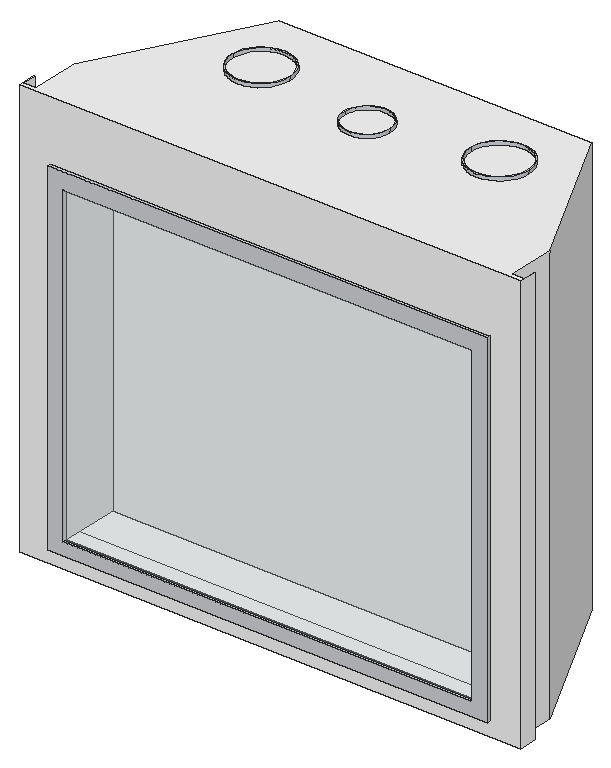
Revit family "DVCT50CBP95(N,P)-2-montigo-residential", category Generic Models, Revit 2021
Family settings
  Can host rebar = No
  Round Connector Dimension = Use Diameter
  Part Type = Normal
  Work Plane-Based = No
  Always vertical = Yes
  Cut with Voids When Loaded = No
  Shared = No
  Room Calculation Point = No
Parameters
  URL = "https://www.montigo.com/"
  Model = ""
  Manufacturer Fax = ""
  Manufacturer Website = "https://www.montigo.com/"
  Manufacturer Phone - Toll Free = "800-378-3115"
  Manufacturer Phone = ""
  Manufacturer Address = "27342 Gloucester Way  Langley, BC, Canada   V4W 4A1"
  Manufacturer = "Montigo"
  Keynote = ""
  Glazing Tint = Glass - Montigo - Tint as Specified
  Frame Material = Metal - Montigo - Black
  Firebox Material = Metal - Montigo - White
  Description = "Montigo Fireplace as Specified"
  Default Elevation = 0"
Reference planes (in)
  plane 1 "Center (Front/Back)": y = 0
  plane 2: z = 0
  plane 3 "Center (Left/Right)": x = 0
Forms (in)
  Extrusion 1, solid, material "Metal - Montigo - White" <- "Firebox Material"
    sketch origin (189, -15, 0) x (1, 0, 0) y (0, 1, 0)
      loop
        line (-160.0157, 15) -> (-160.0157, 17.03065) -> (-160.04767, 17.03065) -> (-160.04767, 15.53165) -> (-161.41418, 15.53165) -> (-161.41418, 20.95725) -> (-170.97366, 38.93601) -> (-207.13503, 38.93601) -> (-216.58582, 21.16166) -> (-216.58582, 15.53165) -> (-217.95233, 15.53165) -> (-217.95233, 17.03065) -> (-217.9843, 17.03065) -> (-217.9843, 15) -> (-160.0157, 15)
    from 0 to 48.4375
  Extrusion 2, solid, material "Glass - Montigo - Tint as Specified" <- "Glazing Tint"
    sketch origin (68.76107, 3.48344, -8.21707) x (-1, 0, 0) y (0, 0, -1)
      loop
        line (45.07357, -47.84207) -> (92.44857, -47.84207) -> (92.44857, -11.34207) -> (45.07357, -11.34207) -> (45.07357, -47.84207)
    from 3.72165 to 1.60844
  Extrusion 3, solid
    sketch origin (0, 0, 0) x (1, 0, 0) y (0, 1, 0)
      loop
        line (-25.45233, 0) -> (-25.45233, -0.41672) -> (25.45233, -0.41672) -> (25.45233, 0) -> (-25.45233, 0)
    from 1.625 to 41.5
  Extrusion 4, void
    sketch origin (18.46875, -0.41672, 0) x (1, 0, 0) y (0, 0, -1)
      loop
        line (-42.15625, -39.625) -> (5.21875, -39.625) -> (5.21875, -3.125) -> (-42.15625, -3.125) -> (-42.15625, -39.625)
    from 0 to 7.20812
  Extrusion 5, solid
    sketch origin (0, 0, 5.75) x (1, 0, 0) y (0, 1, 0)
      loop
        circle (0, 13.98225) r 2.65913
      loop
        circle (0, 13.98225) r 2.62788
    from 42.6875 to 43.0625
  Extrusion 6, solid
    sketch origin (0, 0, 0) x (1, 0, 0) y (0, 1, 0)
      loop
        circle (-13.81025, 15.88998) r 3.29902
      loop
        circle (-13.81025, 15.88998) r 3.393
    from 48.4375 to 48.8125
  Extrusion 7, solid
    sketch origin (0, 0, 0) x (-1, 0, 0) y (0, -1, 0)
      loop
        circle (-13.81025, -15.88998) r 3.29902
      loop
        circle (-13.81025, -15.88998) r 3.393
    from 48.4375 to 48.8125
Cuts and joins
  Extrusion 4 cuts Extrusion 1
  Extrusion 4 cuts Extrusion 3
Lines and regions (in)
  symbolic lines
    curve 1: line (129.0333, -6.15625, 107.49519) -> (129.0333, -6.15625, 106.74519)
    curve 2: line (-2.6879, -22.74739, 0) -> (2.68788, -22.74739, 0)
    curve 3: line (-23.6875, -6.15625, 3.1875) -> (23.6875, -6.15625, 3.1875)
    curve 4: line (23.6875, -6.15625, 39.625) -> (-23.6875, -6.15625, 39.625)
    curve 5: line (-23.6875, -6.15625, 39.625) -> (-23.6875, -6.15625, 3.1875)
Dimensions and locks (in)
  aligned and locked: level to plane 2
Connectors (in)
  hvac at (0, 13.98225, 48.8125)
    settings: on Extrusion 5, index 1, duct flow 0.0 L/s, flow factor 0, pres drop 0.0 Pa, loss coef 0, conn angle 0.00°, conn width 304.8 mm, conn height 304.8 mm, conn diameter 136.525 mm, duct sys type 3, conn prof type 0, flow config 0, flow direction 0, loss method 0, conn ref index -1, conn util no, is conn primary yes, conn desc ""
